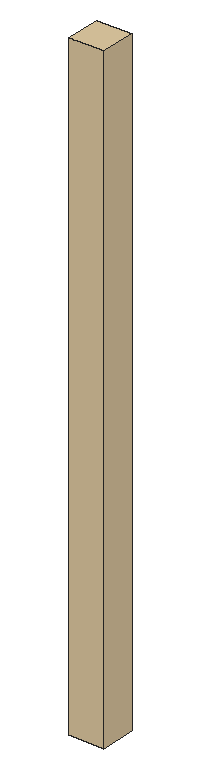
Revit family "Timber", category 구조 기둥, Revit 2026
Family settings
  단면 모양 = 정의되지 않음
  모델 동작 재료 = 목재
  항상 형상으로 내보내기 = 아니오
  평면의 보 전환 = 경계 상자에서
  로드될 때 보이드를 사용하여 절단 = 아니오
  기호 표현 = 프로젝트 설정에서
  공유 = 아니오
  평면도에서 미리 절단된 패밀리 표시 = 예
Parameters (values of type "140 x 140")
  키노트 = "G20"
  Structural Material [instance] = Wood - Dimensional Lumber
  A = 0.00 m²
  Ix = 0
  Iy = 0
  Sx = 0
  Sy = 0
  b = 140 mm
  d = 140 mm
Reference planes
  plane 1 "Center (Front/Back)": y = 0
  plane 2: z = 0
  plane 3 "Center (Left/Right)": x = 0
  plane 4: x = -70
  plane 5: x = 70
  plane 6: y = 70
  plane 7: y = -70
Forms (mm)
  Extrusion 1, solid, material "Wood - Dimensional Lumber" <- "Structural Material", detail levels medium+fine
    sketch origin (0, 0, 0) x (1, 0, 0) y (0, 1, 0)
      loop
        line (-70, 70) -> (-70, -70) -> (70, -70) -> (70, 70) -> (-70, 70)
    from 0 to 2500
Lines and regions (mm)
  symbolic lines, style "StructuralColumnStickSymbols", detail levels coarse
    curve 1: line (-70, 70, 0) -> (70, 70, 0)
    curve 2: line (-70, -70, 0) -> (70, -70, 0)
    curve 3: line (-70, 70, 0) -> (-70, -70, 0)
    curve 4: line (70, 70, 0) -> (70, -70, 0)
Dimensions and locks
  equal spacing: plane 4, plane 3 "Center (Left/Right)", plane 5
  equal spacing: plane 7, plane 1 "Center (Front/Back)", plane 6
  "d": plane 7 to plane 6
  "b": plane 4 to plane 5
  aligned and locked: plane 6 to Extrusion 1 sketch curve
  aligned and locked: Extrusion 1 sketch curve to plane 7
  aligned and locked: Extrusion 1 sketch curve to plane 4
  aligned and locked: plane 5 to Extrusion 1 sketch curve
  aligned and locked: level to Extrusion 1
  aligned and locked: level to plane 2
  aligned and locked: Extrusion 1 to plane 2
Automatic sketch dimensions
  curve 3 to plane 4 = 0 mm
  curve 4 to plane 5 = 0 mm
  curve 3 to plane 7 = 0 mm
  curve 3 to plane 6 = 0 mm
